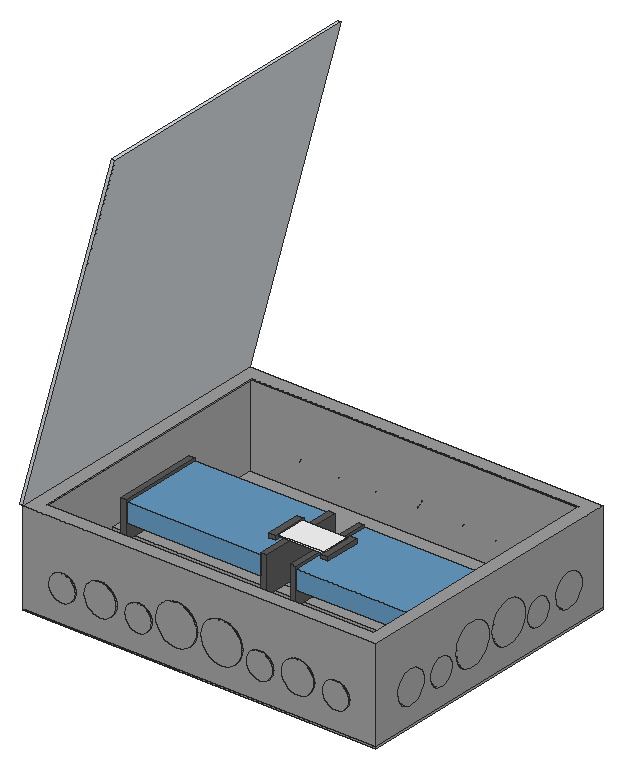
Revit family "NXSP_Series", category Data Devices, host Face, Revit 2021
Family settings
  Host = Face
  Maintain Annotation Orientation = No
  Round Connector Dimension = Use Diameter
  Part Type = Normal
  OmniClass Number = 23.85.50.17.11
  OmniClass Title = Computer Network Equipment
  Cut with Voids When Loaded = No
  Shared = No
  Room Calculation Point = No
Parameters (values of type "NXSP Series")
  Weight = 0.17 kg  # constant formula
  Warranty = "Five-year limited"  # constant formula
  Voltage = 120 V
  URL = "https://www.currentlighting.com/nxlightingcontrols"
  Type Comments = "Data Devices"  # constant formula
  Relative humidity = "0% to 95% (non condensing)"  # constant formula
  Programming = "Allows configuration and programming of the attached devices via web browser interface served from the Area Controller"  # constant formula
  Product Page URL = ""
  Product Material = Gray
  Product Documentation Link = ""
  Power Factor = 1
  Passive Infrared = "Dual-element pyrometer and 12-element cylindrical RhinoTuff lens"  # constant formula
  Operating Temperature = "32° to 104° (0° to 40° C)"  # constant formula
  Operating Environment = "Indoor use only"  # constant formula
  Number of Poles = 1
  Network Interface = "Connects to the  network through the NXHDI Device; Network Interface Module required"  # constant formula
  Mounting = "DIN rail, requires NXENC-D accessory enclosure"  # constant formula
  Model = "NXSP SERIES\r"  # constant formula
  Manufacturer = " NX Lighting Controls"  # constant formula
  Load Classification = Other
  Electrical = "Class 2, 24VDC, 250 mA max current available for connected devices, Plugs into NXHDI for power and network connection"  # constant formula
  Door is Open [instance] = yes
  Description = "SmartPORT™ Module"  # constant formula
  Default Elevation = 48.00"
  Copyright = "Copyright ©  NX Lighting Controls"  # constant formula
  Contact Us = ""
  Connector Description 2 = "Data"  # constant formula
  Connector Description 1 = "Power Supply"  # constant formula
  Capacity = "Four SmartPORTs, eight Smart Switches max per port"  # constant formula
  Assembly Code = "D5030"
  Apparent Load = 0 VA
  Angle [instance] = if(Door is Open, 75.00°, 0.00°)  # 75.00°
Reference planes (in)
  plane 1 "Center (Front/Back)": y = 0
  plane 2: z = 0
  plane 3 "Center (Left/Right)": x = 0
  plane 4: x = -7.5
  plane 5: x = 7.5
  plane 6: y = -6
  plane 7: y = 6
  plane 8: x = -7.56
  plane 9: x = 7.56
  plane 10: y = 6.06
  plane 11: y = -6.06
  plane 12: z = 0.06
  plane 13: z = 0
  plane 14: z = 3.94
  plane 15: z = 0.88
  plane 16: x = -5.86
  plane 17: x = -4.23
  plane 18: x = -2.6
  plane 19: x = -0.97
  plane 20: x = 2.6
  plane 21: x = 4.23
  plane 22: x = 0.97
  plane 23: x = 5.86
  plane 24: z = 1.443
  plane 25: z = 1.568
  plane 26: z = 1.755
  plane 27: y = -6.09
  plane 28: y = 6.09
  plane 29: z = 0.88
  plane 30: x = -5.86
  plane 31: x = -4.23
  plane 32: x = -2.6
  plane 33: x = -0.97
  plane 34: x = 2.6
  plane 35: x = 4.23
  plane 36: x = 0.97
  plane 37: x = 5.86
  plane 38: z = 1.443
  plane 39: z = 1.568
  plane 40: z = 1.755
  plane 41: z = 0.88
  plane 42: y = 4.23
  plane 43: y = 2.6
  plane 44: y = 1
  plane 45: y = -4.23
  plane 46: y = -2.6
  plane 47: y = -0.94
  plane 48: z = 1.568
  plane 49: z = 1.755
  plane 50: z = 1.443
  plane 51: x = -7.59
  plane 52: z = 5.35
  plane 53: y = 4.23
  plane 54: y = 2.6
  plane 55: y = 1
  plane 56: y = -4.23
  plane 57: y = -2.6
  plane 58: y = -0.94
  plane 59: z = 1.568
  plane 60: z = 1.755
  plane 61: z = 1.443
  plane 62: x = 7.59
  plane 63: y = 1.38447
  plane 64: y = 0.88447
  plane 65: y = -1.38447
  plane 66: y = -0.88447
  plane 67: z = 4
Forms (in)
  Extrusion 1, solid, material "Gray" <- "Product Material"
    sketch origin (0, 0, 0) x (1, 0, 0) y (0, 1, 0)
      loop
        line (-7.56, 6.06) -> (-7.56, -6.06) -> (7.56, -6.06) -> (7.56, 6.06) -> (-7.56, 6.06)
    from 0 to 0.06
  Sweep 2, solid, material "Gray" <- "Product Material"
    path origin (0, 0, 0) x (1, 0, 0) y (0, 1, 0)
      loop
        line (-7.56, 6.06) -> (-7.56, -6.06) -> (7.56, -6.06) -> (7.56, 6.06) -> (-7.56, 6.06)
    profile origin (-7.56, 0, 0) x (-1, 0, 0) y (0, 0, 1)
      loop
        line (0, 0.06) -> (0, 4) -> (-0.56, 4) -> (-0.56, 3.94) -> (-0.06, 3.94) -> (-0.06, 0.06) -> (0, 0.06)
  Extrusion 3, solid, material "Gray" <- "Product Material"
    sketch origin (-7.56, 0, 0) x (-1, 0, 0) y (0, 0, 1)
      loop
        circle (-1.7, 1.443) r 0.563
      loop
        circle (-13.42, 1.443) r 0.563
      loop
        circle (-4.96, 1.443) r 0.563
      loop
        circle (-10.16, 1.443) r 0.563
      loop
        circle (-3.33, 1.568) r 0.688
      loop
        circle (-11.79, 1.568) r 0.688
      loop
        circle (-6.59, 1.755) r 0.875
      loop
        circle (-8.53, 1.755) r 0.875
    from -6.09 to -6.06
  Extrusion 4, solid, material "Gray" <- "Product Material"
    sketch origin (-7.56, 0, 0) x (-1, 0, 0) y (0, 0, -1)
      loop
        circle (-1.7, -1.443) r 0.563
      loop
        circle (-13.42, -1.443) r 0.563
      loop
        circle (-4.96, -1.443) r 0.563
      loop
        circle (-10.16, -1.443) r 0.563
      loop
        circle (-3.33, -1.568) r 0.688
      loop
        circle (-11.79, -1.568) r 0.688
      loop
        circle (-6.59, -1.755) r 0.875
      loop
        circle (-8.53, -1.755) r 0.875
    from -6.09 to -6.06
  Extrusion 5, solid, material "Gray" <- "Product Material"
    sketch origin (0, 0, 0) x (0, 1, 0) y (0, 0, 1)
      loop
        circle (4.23, 1.568) r 0.688
      loop
        circle (-4.23, 1.568) r 0.688
      loop
        circle (2.6, 1.443) r 0.563
      loop
        circle (-2.6, 1.443) r 0.563
      loop
        circle (1, 1.755) r 0.875
      loop
        circle (-0.94, 1.755) r 0.875
    from -7.59 to -7.56
  Extrusion 6, solid, material "Gray" <- "Product Material"
    sketch origin (0, 0, 0) x (0, 1, 0) y (0, 0, -1)
      loop
        circle (4.23, -1.568) r 0.688
      loop
        circle (-4.23, -1.568) r 0.688
      loop
        circle (2.6, -1.443) r 0.563
      loop
        circle (-2.6, -1.443) r 0.563
      loop
        circle (1, -1.755) r 0.875
      loop
        circle (-0.94, -1.755) r 0.875
    from -7.59 to -7.56
  Extrusion 7, solid, material "Gray" <- "Product Material"
    sketch origin (0, 0, 0) x (1, 0, 0) y (0, 1, 0)
      loop
        line (-7.5, 1.38447) -> (-7.5, 0.88447) -> (7.5, 0.88447) -> (7.5, 1.38447) -> (-7.5, 1.38447)
      loop
        line (-7.5, -1.38447) -> (7.5, -1.38447) -> (7.5, -0.88447) -> (-7.5, -0.88447) -> (-7.5, -1.38447)
    from 0.98852 to 1.16574
  Sweep 8, solid
    path origin (-11.90667, 0, 5.16469) x (0.965926, 0, -0.258819) y (0, -1, 0)
      loop
        line (4.5, 0) -> (4.375, 0)
    profile origin (-7.56, 0, 4) x (0, 1, 0) y (-0.258819, 0, -0.965926)
      loop
        line (6.06, 0) -> (-6.06, 0) -> (-6.06, -15.12) -> (6.06, -15.12) -> (6.06, 0)
Lines and regions (in)
  reference lines
    curve 1: line (-11.90667, 0, 5.16469) -> (-7.56, 0, 4)
Dimensions and locks (in)
  equal spacing: plane 4, plane 3 "Center (Left/Right)", plane 5
  locked: plane 4 to plane 5 at 15
  locked: plane 6 to plane 7 at 12
  equal spacing: plane 7, plane 1 "Center (Front/Back)", plane 6
  locked: plane 8 to plane 4 at 0.06
  locked: plane 5 to plane 9 at 0.06
  locked: plane 10 to plane 7 at 0.06
  locked: plane 6 to plane 11 at 0.06
  locked: plane 12 to plane 13 at 0.06
  plane 16 to plane 8 = 1.70"
  plane 17 to plane 8 = 3.33"
  plane 18 to plane 8 = 4.96"
  plane 19 to plane 8 = 6.59"
  plane 22 to plane 8 = 8.53"
  plane 20 to plane 8 = 10.16"
  plane 21 to plane 8 = 11.79"
  locked: plane 23 to plane 8 at 13.42
  locked: plane 15 to plane 13 at 0.88
  locked: plane 27 to plane 11 at 0.03
  locked: plane 28 to plane 10 at 0.03
  locked: plane 41 to plane 13 at 0.88
  plane 10 to plane 42 = 1.83"
  plane 10 to plane 43 = 3.46"
  plane 28 to plane 44 = 5.09"
  plane 10 to plane 46 = 8.66"
  plane 10 to plane 45 = 10.29"
  plane 28 to plane 47 = 7.03"
  locked: plane 51 to plane 8 at 0.03
  locked: plane 9 to plane 62 at 0.03
  locked: plane 67 to plane 14 at 0.06
  locked: plane 67 to plane 13 at 4
  plane 29 to plane 13 = 0.88"
  plane 52 to plane 2 = 5.35"
  "Angle": angle plane 8 to curve 1
  aligned and locked: plane 2 to host face
  aligned and locked: level to host face
  aligned and locked: Extrusion 1 sketch curve to plane 10
  aligned and locked: plane 8 to Extrusion 1 sketch curve
  aligned and locked: Extrusion 1 sketch curve to plane 11
  aligned and locked: plane 9 to Extrusion 1 sketch curve
  aligned and locked: Extrusion 1 to plane 13
  aligned and locked: plane 12 to Extrusion 1
  aligned and locked: plane 8 to Sweep 2 sketch curve
  aligned and locked: plane 4 to Sweep 2 sketch curve
  aligned and locked: Sweep 2 sketch curve to plane 12
  aligned and locked: plane 16 to Extrusion 3 sketch curve
  aligned and locked: plane 17 to Extrusion 3 sketch curve
  aligned and locked: plane 18 to Extrusion 3 sketch curve
  aligned and locked: plane 19 to Extrusion 3 sketch curve
  aligned and locked: plane 22 to Extrusion 3 sketch curve
  aligned and locked: plane 20 to Extrusion 3 sketch curve
  aligned and locked: plane 21 to Extrusion 3 sketch curve
  aligned and locked: plane 23 to Extrusion 3 sketch curve
  aligned and locked: plane 24 to Extrusion 3 sketch curve  (x4)
  aligned and locked: plane 25 to Extrusion 3 sketch curve  (x2)
  aligned and locked: plane 26 to Extrusion 3 sketch curve  (x2)
  aligned and locked: Extrusion 3 to plane 11
  aligned and locked: plane 27 to Extrusion 3
  aligned and locked: plane 30 to Extrusion 4 sketch curve
  aligned and locked: plane 31 to Extrusion 4 sketch curve
  aligned and locked: plane 32 to Extrusion 4 sketch curve
  aligned and locked: plane 33 to Extrusion 4 sketch curve
  aligned and locked: plane 36 to Extrusion 4 sketch curve
  aligned and locked: plane 34 to Extrusion 4 sketch curve
  aligned and locked: plane 35 to Extrusion 4 sketch curve
  aligned and locked: plane 37 to Extrusion 4 sketch curve
  aligned and locked: Extrusion 4 sketch curve to plane 38  (x4)
  aligned and locked: Extrusion 4 sketch curve to plane 39  (x2)
  aligned and locked: Extrusion 4 sketch curve to plane 40  (x2)
  aligned and locked: plane 28 to Extrusion 4
  aligned and locked: Extrusion 4 to plane 10
  aligned and locked: plane 48 to Extrusion 5 sketch curve  (x2)
  aligned and locked: plane 49 to Extrusion 5 sketch curve  (x2)
  aligned and locked: plane 50 to Extrusion 5 sketch curve  (x2)
  aligned and locked: plane 45 to Extrusion 5 sketch curve
  aligned and locked: plane 46 to Extrusion 5 sketch curve
  aligned and locked: plane 47 to Extrusion 5 sketch curve
  aligned and locked: plane 44 to Extrusion 5 sketch curve
  aligned and locked: plane 43 to Extrusion 5 sketch curve
  aligned and locked: plane 42 to Extrusion 5 sketch curve
  aligned and locked: plane 51 to Extrusion 5
  aligned and locked: plane 8 to Extrusion 5
  aligned and locked: Extrusion 6 sketch curve to plane 59  (x2)
  aligned and locked: Extrusion 6 sketch curve to plane 60  (x2)
  aligned and locked: Extrusion 6 sketch curve to plane 61  (x2)
  aligned and locked: plane 56 to Extrusion 6 sketch curve
  aligned and locked: plane 57 to Extrusion 6 sketch curve
  aligned and locked: plane 58 to Extrusion 6 sketch curve
  aligned and locked: plane 55 to Extrusion 6 sketch curve
  aligned and locked: plane 54 to Extrusion 6 sketch curve
  aligned and locked: plane 53 to Extrusion 6 sketch curve
  aligned and locked: plane 9 to Extrusion 6
  aligned and locked: plane 62 to Extrusion 6
  aligned and locked: Extrusion 7 sketch curve to plane 5
  aligned and locked: plane 4 to Extrusion 7 sketch curve
  aligned and locked: Extrusion 7 sketch curve to plane 63
  aligned and locked: plane 64 to Extrusion 7 sketch curve
  aligned and locked: plane 1 "Center (Front/Back)" to nested 1
  aligned and locked: plane 3 "Center (Left/Right)" to nested 1
  aligned and locked: plane 65 to Extrusion 7 sketch curve
  aligned and locked: Extrusion 7 sketch curve to plane 66
  aligned and locked: Sweep 2 sketch curve to plane 67
  aligned and locked: Sweep 2 sketch curve to plane 14
  aligned and locked: plane 9 to Sweep 2 sketch curve
Automatic sketch dimensions
  host sketch curve to host sketch curve = 96.00"  (x2)
  Extrusion 7 sketch curve to plane 4 = 0.00"
  Extrusion 7 sketch curve to plane 5 = 0.00"
  Sweep 2 sketch curve to Sweep 2 sketch curve = 0.50"
  Sweep 2 sketch curve to plane 8 = 0.00"
  plane 11 to Sweep 2 sketch curve = 0.00"
  Sweep 2 sketch curve to plane 10 = 0.00"
  curve 1 to Sweep 8 sketch curve = 0.00"
  Sweep 8 sketch curve to curve 1 = 0.00"
  Sweep 8 sketch curve to curve 1 = 0.125"
  Sweep 8 sketch curve to profile plane = 0.00"
  profile plane to Sweep 8 sketch curve = 6.06"
  Sweep 8 sketch curve to profile plane = 6.06"
  Sweep 8 sketch curve to Sweep 8 sketch curve = 15.12"
  curve 1 to plane 8 = 0.00"
  curve 1 to plane 67 = 0.00"
  radius of Extrusion 3 sketch curve = 0.563"  (x4)
  radius of Extrusion 3 sketch curve = 0.688"  (x2)
  radius of Extrusion 3 sketch curve = 0.875"  (x2)
  radius of Extrusion 4 sketch curve = 0.563"  (x4)
  radius of Extrusion 4 sketch curve = 0.688"  (x2)
  radius of Extrusion 4 sketch curve = 0.875"  (x2)
  radius of Extrusion 5 sketch curve = 0.688"  (x2)
  radius of Extrusion 5 sketch curve = 0.563"  (x2)
  radius of Extrusion 5 sketch curve = 0.875"  (x2)
  radius of Extrusion 6 sketch curve = 0.688"  (x2)
  radius of Extrusion 6 sketch curve = 0.563"  (x2)
  radius of Extrusion 6 sketch curve = 0.875"  (x2)
Nested families (in)
  nested 1: "Family1" at (0, 0, 1.16574), type "Family1"
Connectors (in)
  electrical at (0, 0, 0), driven by "Load Classification", driven by "Voltage", driven by "Power Factor", driven by "Connector Description 1", driven by "Apparent Load"
    settings: on Extrusion 1, index 1, voltage 120 V, apparent load 0 VA, apparent load phase1 0 VA, apparent load phase2 0 VA, apparent load phase3 0 VA, power factor 1, load classification "Other", number of poles 1, system type 30, power factor state 1, is connector primary yes, connector utility no, sub classification motor no, connector description "Power Supply"
  cabletrayconduit at (-5.86, -6.09, 1.443), diameter 1
    settings: on Extrusion 3, index 2, connector width 12.00", connector height 12.00", connector angle 0.00°, system type 32, placement type 0, profile type 0, connector reference index -1, is primary connector yes, connector utility param no, connector description "Conduit Connector-1\""
  cabletrayconduit at (-4.23, -6.09, 1.568), diameter 1.25
    settings: on Extrusion 3, index 3, connector width 12.00", connector height 12.00", connector angle 0.00°, system type 32, placement type 0, profile type 0, connector reference index -1, is primary connector no, connector utility param no, connector description "Conduit Connector-1.25\""
  cabletrayconduit at (-2.6, -6.09, 1.443), diameter 1
    settings: on Extrusion 3, index 4, connector width 12.00", connector height 12.00", connector angle 0.00°, system type 32, placement type 0, profile type 0, connector reference index -1, is primary connector no, connector utility param no, connector description "Conduit Connector-1\""
  cabletrayconduit at (-0.97, -6.09, 1.755), diameter 1.63
    settings: on Extrusion 3, index 5, connector width 12.00", connector height 12.00", connector angle 0.00°, system type 32, placement type 0, profile type 0, connector reference index -1, is primary connector no, connector utility param no, connector description "Conduit Connector-1.625\""
  cabletrayconduit at (0.97, -6.09, 1.755), diameter 1.63
    settings: on Extrusion 3, index 6, connector width 12.00", connector height 12.00", connector angle 0.00°, system type 32, placement type 0, profile type 0, connector reference index -1, is primary connector no, connector utility param no, connector description "Conduit Connector-1.625\""
  cabletrayconduit at (2.6, -6.09, 1.443), diameter 1
    settings: on Extrusion 3, index 7, connector width 12.00", connector height 12.00", connector angle 0.00°, system type 32, placement type 0, profile type 0, connector reference index -1, is primary connector no, connector utility param no, connector description "Conduit Connector-1\""
  cabletrayconduit at (4.23, -6.09, 1.568), diameter 1.25
    settings: on Extrusion 3, index 8, connector width 12.00", connector height 12.00", connector angle 0.00°, system type 32, placement type 0, profile type 0, connector reference index -1, is primary connector no, connector utility param no, connector description "Conduit Connector-1.25\""
  cabletrayconduit at (5.86, -6.09, 1.443), diameter 1
    settings: on Extrusion 3, index 9, connector width 12.00", connector height 12.00", connector angle 0.00°, system type 32, placement type 0, profile type 0, connector reference index -1, is primary connector no, connector utility param no, connector description "Conduit Connector-1\""
  cabletrayconduit at (7.59, -4.23, 1.568), diameter 1.25
    settings: on Extrusion 6, index 10, connector width 12.00", connector height 12.00", connector angle 0.00°, system type 32, placement type 0, profile type 0, connector reference index -1, is primary connector no, connector utility param no, connector description "Conduit Connector-1.25\""
  cabletrayconduit at (7.59, -2.6, 1.443), diameter 1
    settings: on Extrusion 6, index 11, connector width 12.00", connector height 12.00", connector angle 0.00°, system type 32, placement type 0, profile type 0, connector reference index -1, is primary connector no, connector utility param no, connector description "Conduit Connector-1\""
  cabletrayconduit at (7.59, -0.94, 1.755), diameter 1.63
    settings: on Extrusion 6, index 12, connector width 12.00", connector height 12.00", connector angle 0.00°, system type 32, placement type 0, profile type 0, connector reference index -1, is primary connector no, connector utility param no, connector description "Conduit Connector-1.625\""
  cabletrayconduit at (7.59, 1, 1.755), diameter 1.63
    settings: on Extrusion 6, index 13, connector width 12.00", connector height 12.00", connector angle 0.00°, system type 32, placement type 0, profile type 0, connector reference index -1, is primary connector no, connector utility param no, connector description "Conduit Connector-1.625\""
  cabletrayconduit at (7.59, 2.6, 1.443), diameter 1
    settings: on Extrusion 6, index 14, connector width 12.00", connector height 12.00", connector angle 0.00°, system type 32, placement type 0, profile type 0, connector reference index -1, is primary connector no, connector utility param no, connector description "Conduit Connector-1\""
  cabletrayconduit at (7.59, 4.23, 1.568), diameter 1.25
    settings: on Extrusion 6, index 15, connector width 12.00", connector height 12.00", connector angle 0.00°, system type 32, placement type 0, profile type 0, connector reference index -1, is primary connector no, connector utility param no, connector description "Conduit Connector-1.25\""
  cabletrayconduit at (5.86, 6.09, 1.443), diameter 1
    settings: on Extrusion 4, index 16, connector width 12.00", connector height 12.00", connector angle 0.00°, system type 32, placement type 0, profile type 0, connector reference index -1, is primary connector no, connector utility param no, connector description "Conduit Connector-1\""
  cabletrayconduit at (4.23, 6.09, 1.568), diameter 1.25
    settings: on Extrusion 4, index 17, connector width 12.00", connector height 12.00", connector angle 0.00°, system type 32, placement type 0, profile type 0, connector reference index -1, is primary connector no, connector utility param no, connector description "Conduit Connector-1.25\""
  cabletrayconduit at (2.6, 6.09, 1.443), diameter 1
    settings: on Extrusion 4, index 18, connector width 12.00", connector height 12.00", connector angle 0.00°, system type 32, placement type 0, profile type 0, connector reference index -1, is primary connector no, connector utility param no, connector description "Conduit Connector-1\""
  cabletrayconduit at (0.97, 6.09, 1.755), diameter 1.63
    settings: on Extrusion 4, index 19, connector width 12.00", connector height 12.00", connector angle 0.00°, system type 32, placement type 0, profile type 0, connector reference index -1, is primary connector no, connector utility param no, connector description "Conduit Connector-1.625\""
  cabletrayconduit at (-0.97, 6.09, 1.755), diameter 1.63
    settings: on Extrusion 4, index 20, connector width 12.00", connector height 12.00", connector angle 0.00°, system type 32, placement type 0, profile type 0, connector reference index -1, is primary connector no, connector utility param no, connector description "Conduit Connector-1.625\""
  cabletrayconduit at (-2.6, 6.09, 1.443), diameter 1
    settings: on Extrusion 4, index 21, connector width 12.00", connector height 12.00", connector angle 0.00°, system type 32, placement type 0, profile type 0, connector reference index -1, is primary connector no, connector utility param no, connector description "Conduit Connector-1\""
  cabletrayconduit at (-4.23, 6.09, 1.568), diameter 1.25
    settings: on Extrusion 4, index 22, connector width 12.00", connector height 12.00", connector angle 0.00°, system type 32, placement type 0, profile type 0, connector reference index -1, is primary connector no, connector utility param no, connector description "Conduit Connector-1.25\""
  cabletrayconduit at (-5.86, 6.09, 1.443), diameter 1
    settings: on Extrusion 4, index 23, connector width 12.00", connector height 12.00", connector angle 0.00°, system type 32, placement type 0, profile type 0, connector reference index -1, is primary connector no, connector utility param no, connector description "Conduit Connector-1\""
  cabletrayconduit at (-7.59, 4.23, 1.568), diameter 1.25
    settings: on Extrusion 5, index 24, connector width 12.00", connector height 12.00", connector angle 0.00°, system type 32, placement type 0, profile type 0, connector reference index -1, is primary connector no, connector utility param no, connector description "Conduit Connector-1.25\""
  cabletrayconduit at (-7.59, 2.6, 1.443), diameter 1
    settings: on Extrusion 5, index 25, connector width 12.00", connector height 12.00", connector angle 0.00°, system type 32, placement type 0, profile type 0, connector reference index -1, is primary connector no, connector utility param no, connector description "Conduit Connector-1\""
  cabletrayconduit at (-7.59, -4.23, 1.568), diameter 1.25
    settings: on Extrusion 5, index 26, connector width 12.00", connector height 12.00", connector angle 0.00°, system type 32, placement type 0, profile type 0, connector reference index -1, is primary connector no, connector utility param no, connector description "Conduit Connector-1.25\""
  cabletrayconduit at (-7.59, -2.6, 1.443), diameter 1
    settings: on Extrusion 5, index 27, connector width 12.00", connector height 12.00", connector angle 0.00°, system type 32, placement type 0, profile type 0, connector reference index -1, is primary connector no, connector utility param no, connector description "Conduit Connector-1\""
  cabletrayconduit at (-7.59, -0.94, 1.755), diameter 1.63
    settings: on Extrusion 5, index 28, connector width 12.00", connector height 12.00", connector angle 0.00°, system type 32, placement type 0, profile type 0, connector reference index -1, is primary connector no, connector utility param no, connector description "Conduit Connector-1.625\""
  cabletrayconduit at (-7.59, 1, 1.755), diameter 1.63
    settings: on Extrusion 5, index 29, connector width 12.00", connector height 12.00", connector angle 0.00°, system type 32, placement type 0, profile type 0, connector reference index -1, is primary connector no, connector utility param no, connector description "Conduit Connector-1.625\""
  electrical at (0, 0, 0), driven by "Connector Description 2"
    settings: on Extrusion 1, index 30, voltage 0 V, apparent load 0 VA, apparent load phase1 0 VA, apparent load phase2 0 VA, apparent load phase3 0 VA, power factor 1, load classification "Other", number of poles 1, system type 5, power factor state 1, is connector primary no, connector utility no, sub classification motor no, connector description "Data"
Definition of nested family "Family1"
  Parameters
    Default Elevation = 48.00"
  Reference planes (in)
    plane 1 "Center (Front/Back)": y = 0
    plane 2: z = 0
    plane 3 "Center (Left/Right)": x = 0
    plane 4: x = -6.77
    plane 5: x = -0.5
    plane 6: y = 1.82
    plane 7: y = -1.82
    plane 8: x = -6.52
    plane 9: x = -0.75
    plane 10: z = 1.56
    plane 11: x = 6.77
    plane 12: x = 0.5
    plane 13: x = 6.52
    plane 14: x = 0.75
  Forms (in)
    Extrusion 1, solid
      sketch origin (0, 0, 0) x (1, 0, 0) y (0, 1, 0)
        loop
          line (-48, 48) -> (-48, -48) -> (48, -48) -> (48, 48) -> (-48, 48)
      from 0 to -12
    Extrusion 2, solid
      sketch origin (0, 0, 0) x (1, 0, 0) y (0, 1, 0)
        loop
          line (-6.77, 1.82) -> (-6.77, -1.82) -> (-6.52, -1.82) -> (-6.52, 1.82) -> (-6.77, 1.82)
        loop
          line (-0.75, 1.82) -> (-0.75, -1.82) -> (-0.5, -1.82) -> (-0.5, 1.82) -> (-0.75, 1.82)
      from 0 to 1.56
    Extrusion 3, solid
      sketch origin (0, 0, 0) x (1, 0, 0) y (0, 1, 0)
        loop
          line (-6.52, 1.82) -> (-6.52, -1.82) -> (-0.75, -1.82) -> (-0.75, 1.82) -> (-6.52, 1.82)
      from 0.67728 to 1.47728
    Extrusion 4, solid
      sketch origin (0, 0, 0) x (-1, 0, 0) y (0, -1, 0)
        loop
          line (-6.77, -1.82) -> (-6.52, -1.82) -> (-6.52, 1.82) -> (-6.77, 1.82) -> (-6.77, -1.82)
        loop
          line (-0.75, -1.82) -> (-0.5, -1.82) -> (-0.5, 1.82) -> (-0.75, 1.82) -> (-0.75, -1.82)
      from 0 to 1.56
    Extrusion 5, solid
      sketch origin (0, 0, 0) x (-1, 0, 0) y (0, -1, 0)
        loop
          line (-6.52, -1.82) -> (-0.75, -1.82) -> (-0.75, 1.82) -> (-6.52, 1.82) -> (-6.52, -1.82)
      from 0.67728 to 1.47728
    Extrusion 6, solid
      sketch origin (0, 0, 0) x (1, 0, 0) y (0, 1, 0)
        loop
          line (-1.27742, 0.76457) -> (-1.27742, -0.76457) -> (-0.97742, -0.76457) -> (-0.97742, 0.76457) -> (-1.27742, 0.76457)
        loop
          line (1.27742, 0.76457) -> (0.97742, 0.76457) -> (0.97742, -0.76457) -> (1.27742, -0.76457) -> (1.27742, 0.76457)
      from 1.49649 to 1.66697
    Extrusion 7, solid
      sketch origin (0, 0, 0) x (1, 0, 0) y (0, 1, 0)
        loop
          line (-0.97742, 0.64179) -> (-0.97742, -0.64179) -> (0.97742, -0.64179) -> (0.97742, 0.64179) -> (-0.97742, 0.64179)
      from 1.59532 to 1.66697
  Lines and regions (in)
    model lines
      curve 1: line (-6.25693, -0.06313, 1.47728) -> (-5.8965, -0.06313, 1.47728)
      curve 2: line (-6.25693, -0.655, 1.47728) -> (-6.25693, -0.481, 1.47728)
      curve 3: line (-5.8965, -0.655, 1.47728) -> (-6.25693, -0.655, 1.47728)
      curve 4: line (-5.8965, -0.06313, 1.47728) -> (-5.8965, -0.655, 1.47728)
      curve 5: line (-6.25693, -0.23713, 1.47728) -> (-6.30756, -0.23713, 1.47728)
      curve 6: line (-6.30756, -0.23713, 1.47728) -> (-6.30756, -0.29826, 1.47728)
      curve 7: line (-6.30756, -0.29826, 1.47728) -> (-6.34058, -0.29826, 1.47728)
      curve 8: line (-6.34058, -0.29826, 1.47728) -> (-6.34058, -0.41986, 1.47728)
      curve 9: line (-6.25693, -0.481, 1.47728) -> (-6.30756, -0.481, 1.47728)
      curve 10: line (-6.30756, -0.481, 1.47728) -> (-6.30756, -0.41986, 1.47728)
      curve 11: line (-6.30756, -0.41986, 1.47728) -> (-6.34058, -0.41986, 1.47728)
      curve 12: line (-6.25693, -0.23713, 1.47728) -> (-6.25693, -0.06313, 1.47728)
      curve 13: line (-6.25693, -0.79367, 1.47728) -> (-5.8965, -0.79367, 1.47728)
      curve 14: line (-6.25693, -1.38554, 1.47728) -> (-6.25693, -1.21154, 1.47728)
      curve 15: line (-5.8965, -1.38554, 1.47728) -> (-6.25693, -1.38554, 1.47728)
      curve 16: line (-5.8965, -0.79367, 1.47728) -> (-5.8965, -1.38554, 1.47728)
      curve 17: line (-6.25693, -0.96767, 1.47728) -> (-6.30756, -0.96767, 1.47728)
      curve 18: line (-6.30756, -0.96767, 1.47728) -> (-6.30756, -1.02881, 1.47728)
      curve 19: line (-6.30756, -1.02881, 1.47728) -> (-6.34058, -1.02881, 1.47728)
      curve 20: line (-6.34058, -1.02881, 1.47728) -> (-6.34058, -1.15041, 1.47728)
      curve 21: line (-6.25693, -1.21154, 1.47728) -> (-6.30756, -1.21154, 1.47728)
      curve 22: line (-6.30756, -1.21154, 1.47728) -> (-6.30756, -1.15041, 1.47728)
      curve 23: line (-6.30756, -1.15041, 1.47728) -> (-6.34058, -1.15041, 1.47728)
      curve 24: line (-6.25693, -0.96767, 1.47728) -> (-6.25693, -0.79367, 1.47728)
      curve 25: line (4.25692, 1.50319, 1.47728) -> (4.25692, 1.14277, 1.47728)
      curve 26: line (3.66505, 1.50319, 1.47728) -> (3.83905, 1.50319, 1.47728)
      curve 27: line (3.66505, 1.14277, 1.47728) -> (3.66505, 1.50319, 1.47728)
      curve 28: line (4.25692, 1.14277, 1.47728) -> (3.66505, 1.14277, 1.47728)
      curve 29: line (4.08292, 1.50319, 1.47728) -> (4.08292, 1.55383, 1.47728)
      curve 30: line (4.08292, 1.55383, 1.47728) -> (4.02179, 1.55383, 1.47728)
      curve 31: line (4.02179, 1.55383, 1.47728) -> (4.02179, 1.58685, 1.47728)
      curve 32: line (4.02179, 1.58685, 1.47728) -> (3.90019, 1.58685, 1.47728)
      curve 33: line (3.83905, 1.50319, 1.47728) -> (3.83905, 1.55383, 1.47728)
      curve 34: line (3.83905, 1.55383, 1.47728) -> (3.90019, 1.55383, 1.47728)
      curve 35: line (3.90019, 1.55383, 1.47728) -> (3.90019, 1.58685, 1.47728)
      curve 36: line (4.08292, 1.50319, 1.47728) -> (4.25692, 1.50319, 1.47728)
      curve 37: line (3.46388, 1.50319, 1.47728) -> (3.46388, 1.14277, 1.47728)
      curve 38: line (2.87201, 1.50319, 1.47728) -> (3.04601, 1.50319, 1.47728)
      curve 39: line (2.87201, 1.14277, 1.47728) -> (2.87201, 1.50319, 1.47728)
      curve 40: line (3.46388, 1.14277, 1.47728) -> (2.87201, 1.14277, 1.47728)
      curve 41: line (3.28988, 1.50319, 1.47728) -> (3.28988, 1.55383, 1.47728)
      curve 42: line (3.28988, 1.55383, 1.47728) -> (3.22874, 1.55383, 1.47728)
      curve 43: line (3.22874, 1.55383, 1.47728) -> (3.22874, 1.58685, 1.47728)
      curve 44: line (3.22874, 1.58685, 1.47728) -> (3.10714, 1.58685, 1.47728)
      curve 45: line (3.04601, 1.50319, 1.47728) -> (3.04601, 1.55383, 1.47728)
      curve 46: line (3.04601, 1.55383, 1.47728) -> (3.10714, 1.55383, 1.47728)
      curve 47: line (3.10714, 1.55383, 1.47728) -> (3.10714, 1.58685, 1.47728)
      curve 48: line (3.28988, 1.50319, 1.47728) -> (3.46388, 1.50319, 1.47728)
      curve 49: line (5.04997, 1.50319, 1.47728) -> (5.04997, 1.14277, 1.47728)
      curve 50: line (4.4581, 1.50319, 1.47728) -> (4.6321, 1.50319, 1.47728)
      curve 51: line (4.4581, 1.14277, 1.47728) -> (4.4581, 1.50319, 1.47728)
      curve 52: line (5.04997, 1.14277, 1.47728) -> (4.4581, 1.14277, 1.47728)
      curve 53: line (4.87597, 1.50319, 1.47728) -> (4.87597, 1.55383, 1.47728)
      curve 54: line (4.87597, 1.55383, 1.47728) -> (4.81483, 1.55383, 1.47728)
      curve 55: line (4.81483, 1.55383, 1.47728) -> (4.81483, 1.58685, 1.47728)
      curve 56: line (4.81483, 1.58685, 1.47728) -> (4.69323, 1.58685, 1.47728)
      curve 57: line (4.6321, 1.50319, 1.47728) -> (4.6321, 1.55383, 1.47728)
      curve 58: line (4.6321, 1.55383, 1.47728) -> (4.69323, 1.55383, 1.47728)
      curve 59: line (4.69323, 1.55383, 1.47728) -> (4.69323, 1.58685, 1.47728)
      curve 60: line (4.87597, 1.50319, 1.47728) -> (5.04997, 1.50319, 1.47728)
      curve 61: line (5.84301, 1.50319, 1.47728) -> (5.84301, 1.14277, 1.47728)
      curve 62: line (5.25114, 1.50319, 1.47728) -> (5.42514, 1.50319, 1.47728)
      curve 63: line (5.25114, 1.14277, 1.47728) -> (5.25114, 1.50319, 1.47728)
      curve 64: line (5.84301, 1.14277, 1.47728) -> (5.25114, 1.14277, 1.47728)
      curve 65: line (5.66901, 1.50319, 1.47728) -> (5.66901, 1.55383, 1.47728)
      curve 66: line (5.66901, 1.55383, 1.47728) -> (5.60788, 1.55383, 1.47728)
      curve 67: line (5.60788, 1.55383, 1.47728) -> (5.60788, 1.58685, 1.47728)
      curve 68: line (5.60788, 1.58685, 1.47728) -> (5.48628, 1.58685, 1.47728)
      curve 69: line (5.42514, 1.50319, 1.47728) -> (5.42514, 1.55383, 1.47728)
      curve 70: line (5.42514, 1.55383, 1.47728) -> (5.48628, 1.55383, 1.47728)
      curve 71: line (5.48628, 1.55383, 1.47728) -> (5.48628, 1.58685, 1.47728)
      curve 72: line (5.66901, 1.50319, 1.47728) -> (5.84301, 1.50319, 1.47728)
      curve 73: line (4.25692, -1.50319, 1.47728) -> (4.25692, -1.14277, 1.47728)
      curve 74: line (3.66505, -1.50319, 1.47728) -> (3.83905, -1.50319, 1.47728)
      curve 75: line (3.66505, -1.14277, 1.47728) -> (3.66505, -1.50319, 1.47728)
      curve 76: line (4.25692, -1.14277, 1.47728) -> (3.66505, -1.14277, 1.47728)
      curve 77: line (4.08292, -1.50319, 1.47728) -> (4.08292, -1.55383, 1.47728)
      curve 78: line (4.08292, -1.55383, 1.47728) -> (4.02179, -1.55383, 1.47728)
      curve 79: line (4.02179, -1.55383, 1.47728) -> (4.02179, -1.58685, 1.47728)
      curve 80: line (4.02179, -1.58685, 1.47728) -> (3.90019, -1.58685, 1.47728)
      curve 81: line (3.83905, -1.50319, 1.47728) -> (3.83905, -1.55383, 1.47728)
      curve 82: line (3.83905, -1.55383, 1.47728) -> (3.90019, -1.55383, 1.47728)
      curve 83: line (3.90019, -1.55383, 1.47728) -> (3.90019, -1.58685, 1.47728)
      curve 84: line (4.08292, -1.50319, 1.47728) -> (4.25692, -1.50319, 1.47728)
      curve 85: line (3.46388, -1.50319, 1.47728) -> (3.46388, -1.14277, 1.47728)
      curve 86: line (2.87201, -1.50319, 1.47728) -> (3.04601, -1.50319, 1.47728)
      curve 87: line (2.87201, -1.14277, 1.47728) -> (2.87201, -1.50319, 1.47728)
      curve 88: line (3.46388, -1.14277, 1.47728) -> (2.87201, -1.14277, 1.47728)
      curve 89: line (3.28988, -1.50319, 1.47728) -> (3.28988, -1.55383, 1.47728)
      curve 90: line (3.28988, -1.55383, 1.47728) -> (3.22874, -1.55383, 1.47728)
      curve 91: line (3.22874, -1.55383, 1.47728) -> (3.22874, -1.58685, 1.47728)
      curve 92: line (3.22874, -1.58685, 1.47728) -> (3.10714, -1.58685, 1.47728)
      curve 93: line (3.04601, -1.50319, 1.47728) -> (3.04601, -1.55383, 1.47728)
      curve 94: line (3.04601, -1.55383, 1.47728) -> (3.10714, -1.55383, 1.47728)
      curve 95: line (3.10714, -1.55383, 1.47728) -> (3.10714, -1.58685, 1.47728)
      curve 96: line (3.28988, -1.50319, 1.47728) -> (3.46388, -1.50319, 1.47728)
      curve 97: line (5.04997, -1.50319, 1.47728) -> (5.04997, -1.14277, 1.47728)
      curve 98: line (4.4581, -1.50319, 1.47728) -> (4.6321, -1.50319, 1.47728)
      curve 99: line (4.4581, -1.14277, 1.47728) -> (4.4581, -1.50319, 1.47728)
      curve 100: line (5.04997, -1.14277, 1.47728) -> (4.4581, -1.14277, 1.47728)
      curve 101: line (4.87597, -1.50319, 1.47728) -> (4.87597, -1.55383, 1.47728)
      curve 102: line (4.87597, -1.55383, 1.47728) -> (4.81483, -1.55383, 1.47728)
      curve 103: line (4.81483, -1.55383, 1.47728) -> (4.81483, -1.58685, 1.47728)
      curve 104: line (4.81483, -1.58685, 1.47728) -> (4.69323, -1.58685, 1.47728)
      curve 105: line (4.6321, -1.50319, 1.47728) -> (4.6321, -1.55383, 1.47728)
      curve 106: line (4.6321, -1.55383, 1.47728) -> (4.69323, -1.55383, 1.47728)
      curve 107: line (4.69323, -1.55383, 1.47728) -> (4.69323, -1.58685, 1.47728)
      curve 108: line (4.87597, -1.50319, 1.47728) -> (5.04997, -1.50319, 1.47728)
      curve 109: line (5.84301, -1.50319, 1.47728) -> (5.84301, -1.14277, 1.47728)
      curve 110: line (5.25114, -1.50319, 1.47728) -> (5.42514, -1.50319, 1.47728)
      curve 111: line (5.25114, -1.14277, 1.47728) -> (5.25114, -1.50319, 1.47728)
      curve 112: line (5.84301, -1.14277, 1.47728) -> (5.25114, -1.14277, 1.47728)
      curve 113: line (5.66901, -1.50319, 1.47728) -> (5.66901, -1.55383, 1.47728)
      curve 114: line (5.66901, -1.55383, 1.47728) -> (5.60788, -1.55383, 1.47728)
      curve 115: line (5.60788, -1.55383, 1.47728) -> (5.60788, -1.58685, 1.47728)
      curve 116: line (5.60788, -1.58685, 1.47728) -> (5.48628, -1.58685, 1.47728)
      curve 117: line (5.42514, -1.50319, 1.47728) -> (5.42514, -1.55383, 1.47728)
      curve 118: line (5.42514, -1.55383, 1.47728) -> (5.48628, -1.55383, 1.47728)
      curve 119: line (5.48628, -1.55383, 1.47728) -> (5.48628, -1.58685, 1.47728)
      curve 120: line (5.66901, -1.50319, 1.47728) -> (5.84301, -1.50319, 1.47728)
      curve 121: line (6.05537, 0.76457, 1.47728) -> (6.35537, 0.76457, 1.47728)
      curve 122: line (6.05537, -0.76457, 1.47728) -> (6.05537, 0.76457, 1.47728)
      curve 123: line (6.35537, 0.76457, 1.47728) -> (6.35537, -0.76457, 1.47728)
      curve 124: line (6.05537, -0.76457, 1.47728) -> (6.35537, -0.76457, 1.47728)
  Dimensions and locks (in)
    equal spacing: plane 6, plane 1 "Center (Front/Back)", plane 7
    locked: plane 4 to plane 5 at 6.27
    plane 6 to plane 7 = 3.64"
    locked: plane 4 to plane 8 at 0.25
    plane 10 to plane 2 = 1.56"
    locked: plane 9 to plane 5 at 0.25
    locked: plane 11 to plane 12 at 6.27
    locked: plane 11 to plane 13 at 0.25
    locked: plane 14 to plane 12 at 0.25
    equal spacing: plane 5, plane 3 "Center (Left/Right)", plane 12
    plane 3 "Center (Left/Right)" to plane 12 = 0.50"
    Extrusion 6 to Extrusion 7 = 2.25484"
    aligned and locked: plane 2 to Extrusion 1
    aligned and locked: level to Extrusion 1
    aligned and locked: Extrusion 2 sketch curve to plane 6  (x2)
    aligned and locked: plane 4 to Extrusion 2 sketch curve
    aligned and locked: plane 7 to Extrusion 2 sketch curve  (x2)
    aligned and locked: Extrusion 2 sketch curve to plane 8
    aligned and locked: Extrusion 2 sketch curve to plane 9
    aligned and locked: Extrusion 2 sketch curve to plane 5
    aligned and locked: plane 10 to Extrusion 2
    aligned and locked: Extrusion 2 to plane 2
    aligned and locked: Extrusion 3 sketch curve to plane 6
    aligned and locked: plane 8 to Extrusion 3 sketch curve
    aligned and locked: plane 9 to Extrusion 3 sketch curve
    aligned and locked: plane 7 to Extrusion 3 sketch curve
  Automatic sketch dimensions
    Extrusion 1 sketch curve to Extrusion 1 sketch curve = 96.00"  (x2)
    Extrusion 4 sketch curve to plane 7 = 0.00"  (x2)
    Extrusion 4 sketch curve to plane 11 = 0.00"
    Extrusion 4 sketch curve to plane 13 = 0.00"
    Extrusion 4 sketch curve to plane 6 = 0.00"  (x2)
    Extrusion 4 sketch curve to plane 14 = 0.00"
    Extrusion 4 sketch curve to plane 12 = 0.00"
    Extrusion 5 sketch curve to plane 7 = 0.00"
    Extrusion 5 sketch curve to plane 13 = 0.00"
    Extrusion 5 sketch curve to plane 14 = 0.00"
    Extrusion 5 sketch curve to plane 6 = 0.00"
    curve 20 to Extrusion 3 = 0.17942"
    curve 8 to Extrusion 3 = 0.17942"
    curve 19 to curve 17 = 0.03302"
    curve 7 to curve 5 = 0.03302"
    curve 20 to curve 23 = 0.03302"
    curve 8 to curve 9 = 0.03302"
    curve 17 to curve 13 = 0.05064"
    curve 5 to curve 12 = 0.05064"
    curve 21 to curve 14 = 0.05064"
    curve 9 to curve 9 = 0.05064"
    curve 13 to curve 16 = 0.36043"
    curve 4 to curve 13 = 0.00"
    curve 87 to Extrusion 3 = 0.31681"
    Extrusion 3 to curve 87 = 3.62201"
    curve 40 to Extrusion 3 = 0.67723"
    curve 40 to curve 87 = 0.00"
    curve 38 to curve 38 = 0.174"
    curve 86 to curve 93 = 0.174"
    curve 93 to curve 94 = 0.06113"
    curve 45 to curve 44 = 0.06113"
    curve 92 to curve 92 = 0.1216"
    curve 44 to curve 43 = 0.1216"
    curve 42 to curve 41 = 0.06113"
    curve 90 to curve 89 = 0.06113"
    curve 41 to curve 37 = 0.174"
    curve 89 to curve 96 = 0.174"
    curve 85 to curve 74 = 0.20118"
    curve 37 to curve 28 = 0.20118"
    curve 74 to curve 81 = 0.174"
    curve 26 to curve 26 = 0.174"
    curve 33 to curve 32 = 0.06113"
    curve 81 to curve 80 = 0.06113"
    curve 34 to curve 30 = 0.1216"
    curve 82 to curve 79 = 0.1216"
    curve 30 to curve 30 = 0.06113"
    curve 78 to curve 84 = 0.06113"
    curve 77 to curve 76 = 0.174"
    curve 29 to curve 28 = 0.174"
    curve 25 to curve 50 = 0.20118"
    curve 73 to curve 98 = 0.20118"
    curve 98 to curve 98 = 0.174"
    curve 50 to curve 57 = 0.174"
    curve 105 to curve 104 = 0.06113"
    curve 57 to curve 56 = 0.06113"
    curve 58 to curve 54 = 0.1216"
    curve 106 to curve 103 = 0.1216"
    curve 102 to curve 101 = 0.06113"
    curve 54 to curve 60 = 0.06113"
    curve 53 to curve 52 = 0.174"
    curve 101 to curve 100 = 0.174"
    curve 97 to curve 111 = 0.20118"
    curve 49 to curve 63 = 0.20118"
    curve 110 to curve 118 = 0.174"
    curve 62 to curve 69 = 0.174"
    curve 117 to curve 119 = 0.06113"
    curve 69 to curve 71 = 0.06113"
    curve 116 to curve 115 = 0.1216"
    curve 70 to curve 66 = 0.1216"
    curve 114 to curve 113 = 0.06113"
    curve 66 to curve 66 = 0.06113"
    curve 113 to curve 109 = 0.174"
    curve 65 to curve 61 = 0.174"
    curve 96 to Extrusion 3 = 0.31681"
    curve 117 to Extrusion 3 = 0.31681"
    curve 97 to curve 110 = 0.00"
    curve 98 to Extrusion 3 = 0.31681"
    curve 110 to curve 120 = 0.00"
    curve 102 to curve 101 = 0.05064"
    curve 105 to curve 98 = 0.05064"
    curve 119 to curve 110 = 0.05064"
    curve 113 to curve 113 = 0.05064"
    curve 95 to curve 86 = 0.05064"
    curve 77 to Extrusion 3 = 0.26617"
    curve 91 to curve 89 = 0.05064"
    curve 81 to curve 78 = 0.00"
    curve 83 to curve 82 = 0.03302"
    curve 103 to curve 102 = 0.03302"
    curve 116 to curve 118 = 0.03302"
    curve 91 to curve 90 = 0.03302"
    curve 77 to curve 84 = 0.05064"
    curve 81 to curve 81 = 0.05064"
    curve 15 to Extrusion 3 = 0.43446"
    curve 14 to curve 21 = 0.174"
    curve 21 to curve 22 = 0.06113"
    curve 73 to curve 73 = 0.36043"
    curve 73 to curve 100 = 0.00"
    curve 85 to curve 75 = 0.00"
    curve 97 to curve 112 = 0.00"
    curve 22 to curve 19 = 0.1216"
    curve 18 to curve 17 = 0.06113"
    curve 17 to curve 13 = 0.174"
    curve 13 to curve 4 = 0.13868"
    curve 2 to curve 9 = 0.174"
    curve 9 to curve 11 = 0.06113"
    curve 10 to curve 7 = 0.1216"
    curve 6 to curve 5 = 0.06113"
    curve 5 to curve 1 = 0.174"
    curve 49 to Extrusion 3 = 0.67723"
    curve 25 to curve 51 = 0.00"
    curve 61 to Extrusion 3 = 0.67723"
    curve 65 to Extrusion 3 = 0.31681"
    curve 36 to Extrusion 3 = 0.31681"
    curve 63 to Extrusion 3 = 0.31681"
    curve 33 to curve 29 = 0.00"
    curve 60 to curve 62 = 0.00"
    curve 37 to curve 26 = 0.00"
    curve 38 to Extrusion 3 = 0.31681"
    curve 57 to curve 53 = 0.00"
    curve 53 to curve 54 = 0.05064"
    curve 62 to curve 71 = 0.05064"
    curve 38 to curve 47 = 0.05064"
    curve 41 to curve 43 = 0.05064"
    curve 65 to curve 67 = 0.05064"
    curve 29 to curve 29 = 0.05064"
    curve 50 to curve 57 = 0.05064"
    curve 26 to curve 35 = 0.05064"
    curve 30 to curve 32 = 0.03302"
    curve 58 to curve 59 = 0.03302"
    curve 66 to curve 67 = 0.03302"
    curve 42 to curve 43 = 0.03302"
    Extrusion 5 to curve 124 = 1.05543"
    Extrusion 5 to curve 123 = 0.16463"
    curve 121 to curve 122 = 0.30"
    Extrusion 5 to curve 123 = 1.05543"
    plane 9 to Extrusion 6 sketch curve = 0.52742"
    plane 9 to Extrusion 6 sketch curve = 0.22742"
    plane 14 to Extrusion 6 sketch curve = 0.22742"
    Extrusion 6 sketch curve to Extrusion 6 sketch curve = 0.30"
    plane 1 "Center (Front/Back)" to Extrusion 6 sketch curve = 0.76457"  (x2)
    Extrusion 6 sketch curve to plane 1 "Center (Front/Back)" = 0.76457"  (x2)
    plane 9 to Extrusion 7 sketch curve = 0.22742"
    plane 14 to Extrusion 7 sketch curve = 0.22742"
    plane 1 "Center (Front/Back)" to Extrusion 7 sketch curve = 0.64179"
    Extrusion 7 sketch curve to plane 1 "Center (Front/Back)" = 0.64179"
